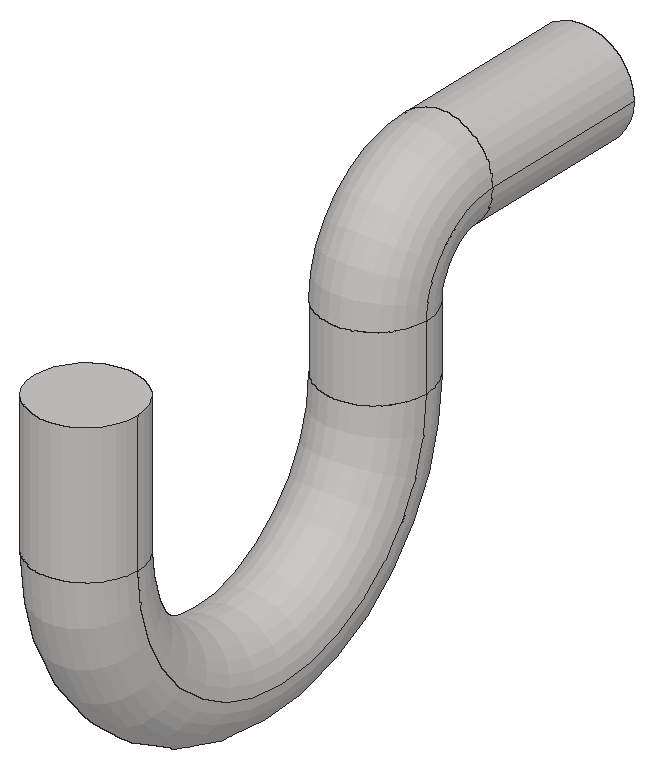
Revit family "9650", category Plumbing Fixtures, Revit 2014
Parameters (values of type "9650BW02-S10")
  Width = 8"
  Waste Connection = yes
  WFU = 0
  Vent Connection = no
  URL = "http://www.jrsmith.com"
  Product Page URL = "https://www.jrsmith.com/product.aspx?ProductId=603&title=General%20Purpose%20P-Trap"
  Product Documentation Link = "https://www.jrsmith.com/uploads/fileLibrary/d9650ser.pdf"
  Nominal Length = 5"
  Nominal Height 2 = 18.53561"
  D - Nominal Height = 7 49/256"
  Model = "9650BW02-S10"
  Material = Metal-Jay R Smith-Type 304-Stainless Steel
  Manufacturer = "Jay R Smith"
  HWFU = 0
  HW Connection = yes
  Description = "General Purpose P-Trap"  # constant formula
  Connection Size = 2"
  Connection Radius = Connection Size / 2  # 1"
  CWFU = 0
  CW Connection = yes
  C - Height = 8 95/256"
  B - Length = 12"
Types (6): name | Nominal Length | Nominal Height 2 | D - Nominal Height | Model | Connection Size | Connection Radius | C - Height | B - Length
  (no name) | 5" | 18.53561" | 7 49/256" | "9650BW02-S10" | 2" | 1" | 8 95/256" | 12"
  9650BW02-S10 | 5" | 18.53561" | 7 49/256" | "9650BW02-S10" | 2" | 1" | 8 95/256" | 12"
  9650BW03-S10 | 8" | 18.53561" | 12 1/4" | "9650BW03-S10" | 3" | 1 1/2" | 12 1/2" | 19 1/2"
  9650BW04-S10 | 10" | 18.53561" | 14 1/4" | "9650BW04-S10" | 4" | 2" | 16 1/2" | 24"
  9650BW06-S10 | 13" | 18.53561" | 21 79/256" | "9650BW06-S10" | 6" | 3" | 24 161/256" | 33"
  9650BW08-S10 | 18" | 12 1/8" | 22 79/256" | "9650BW08-S10" | 8" | 4" | 32 161/256" | 42"
Reference planes (in)
  plane 1 "Center (Front/Back)": y = 0
  plane 2: z = 0
  plane 3 "Center (Left/Right)": x = 0
  plane 4: x = -4
  plane 5: x = 4
  plane 6: x = -2
  plane 7: x = 2
  plane 8: y = -12
  plane 9: z = 1
  plane 10: z = -1
  plane 11: y = -11
  plane 12: y = -13
  plane 13: z = -7.37109
  plane 14: z = -0.17969
  plane 15: z = -5.37109
  plane 16: z = -6.37109
  plane 17: y = -5
Forms (in)
  Sweep 1, solid, material "Metal-Jay R Smith-Type 304-Stainless Steel" <- "Material"
    path origin (0, 0, 0) x (0, 1, 0) y (0, 0, 1)
      loop
        line (-12, -0.17969) -> (-12, -2.87109)
        arc (-12, -2.87109) -> (-8.5, -6.37109) -> (-5, -2.87109) r 3.5
        line (-5, -2.87109) -> (-5, -1.59997)
        arc (-5, -1.59997) -> (-4.53138, -0.46862) -> (-3.40003, 0) r 1.59997
        line (-3.40003, 0) -> (0, 0)
    profile origin (0, -12, -1.52539) x (1, 0, 0) y (0, 1, 0)
      loop
        circle (0, 0) r 1
Dimensions and locks (in)
  plane 5 to plane 4 = 8"
  plane 7 to plane 6 = 4"
  "B - Length": plane 1 "Center (Front/Back)" to plane 8
  "Connection Size": plane 10 to plane 9
  equal spacing: plane 10, plane 2, plane 9
  "Connection Size": plane 11 to plane 12
  equal spacing: plane 11, plane 8, plane 12
  "C - Height": plane 9 to plane 13
  "D - Nominal Height": plane 14 to plane 13
  "Connection Size": plane 15 to plane 13
  equal spacing: plane 15, plane 16, plane 13
  "Nominal Length": plane 1 "Center (Front/Back)" to Sweep 1 sketch curve
  "Nominal Length": plane 1 "Center (Front/Back)" to plane 17
  "Connection Radius": Sweep 1 sketch curve to plane 13
  "Connection Radius": radius of Sweep 1 sketch curve
  aligned and locked: plane 8 to Sweep 1 sketch curve  (x2)
  aligned and locked: level to Sweep 1 sketch curve
  aligned and locked: plane 1 "Center (Front/Back)" to Sweep 1 sketch curve
  aligned and locked: plane 3 "Center (Left/Right)" to Sweep 1 sketch curve
  aligned and locked: plane 14 to Sweep 1 sketch curve
Automatic sketch dimensions
  plane 10 to Sweep 1 sketch curve = 0.59997"
Connectors (in)
  piping at (0, -12, -0.17969), diameter 2, driven by "Connection Size"
    settings: on Sweep 1, index 1, connector inside diameter 24", connector length 0", flow factor 0, pipe flow 0 GPM, pressure drop 0.00 psi, fitting loss kfactor 0, connector angle 0.00°, fixture units 0, engagement length 0", angle of deflection 0.00°, flow configuration 2, flow direction 1, fitting loss method 0, system type 28, joint type 0, gender type 0, connector reference index -1, connector utility 0, adjustable connector no, is connector primary yes, connector description ""
  piping at (0, 0, 0), diameter 2, driven by "Connection Size"
    settings: on Sweep 1, index 2, connector inside diameter 24", connector length 0", flow factor 0, pipe flow 0 GPM, pressure drop 0.00 psi, fitting loss kfactor 0, connector angle 0.00°, fixture units 0, engagement length 0", angle of deflection 0.00°, flow configuration 0, flow direction 2, fitting loss method 0, system type 28, joint type 0, gender type 0, connector reference index -1, connector utility 0, adjustable connector no, is connector primary no, connector description ""
